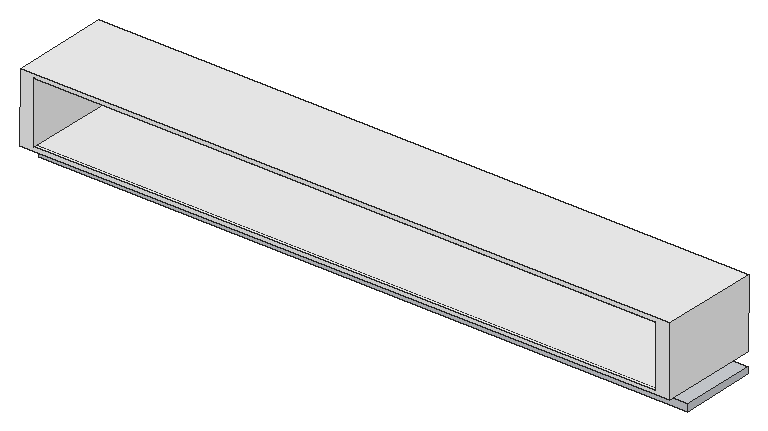
Revit family "Pursuit-W-ID", category Lighting Fixtures, host Face, Revit 2014
Parameters (values of type "RN-W-ID-02")
  Wattage = 13 W
  Warranty = "5-Years Warranty"  # constant formula
  built-in parameter 1150110 = 1 (stored number, unit not read)
  Voltage = 120 V
  Type Comments = "Lighting Fixture"  # constant formula
  built-in parameter 1114217 = 1 (stored number, unit not read)
  Tilt Angle = -90.00°
  built-in parameter 1150109 = 1 (stored number, unit not read)
  built-in parameter 1150134 = (empty or 0)
  built-in parameter 1150113 = 1 (stored number, unit not read)
  Support For Above 2Feet = if(zz Length 1 < 25.00", 1 > 2, 2 > 1)  # no
  Support For 2Feet = if(zz Length 1 < 25.00", 2 > 1, 1 > 2)  # yes
  Product Page URL = "https://www.hubbell.com/architecturalarealighting/en/Products/Lighting-Controls/Commercial-Outdoor-Lighting/Wall-Mount/Pursuit-Family/p/2834000"
  Product Documentation Link = "https://hubbellcdn.com/specsheet/aal_rni_spec.pdf"
  Power Factor = 1
  Photometric Web File = "RN-ID-2-10-3K8-AS-AS-CL.ies"
  Photometric Notes = "More IES files download on Photometric Link"  # constant formula
  Photometric Link = "https://www.hubbell.com/architecturalarealighting/en/Products/Lighting-Controls/Commercial-Outdoor-Lighting/Wall-Mount/Pursuit-Family/p/2834000"
  zz Length 1 = 24.00"
  Wattage Comments = ""
  URL = "https://www.hubbell.com/architecturalarealighting/en/"
  Mounting = "Wall"  # constant formula
  Model = "Pursuit - Wall Indirect"  # constant formula
  Manufacturer = "Architectural Area Lighting"  # constant formula
  built-in parameter 1150105 = 128.28 (stored number, unit not read)
  Lumens = 1612 lm
  built-in parameter 1150115 = 1 (stored number, unit not read)
  Load Classification = Lighting
  built-in parameter 1150137 = (empty or 0)
  built-in parameter 1150139 = (empty or 0)
  built-in parameter 1150112 = 1 (stored number, unit not read)
  built-in parameter 1150114 = 1 (stored number, unit not read)
  Lamp = "LED"  # constant formula
  built-in parameter 1150132 = (empty or 0)
  built-in parameter 1150102 = (empty or 0)
  built-in parameter 1150107 = 3500 (stored number, unit not read)
  built-in parameter 1150138 = (empty or 0)
  built-in parameter 1150106 = 1.2828 (stored number, unit not read)
  Glass = Glass - Hubbell - White
  Fixture Distribution = "Direct/Indirect"  # constant formula
  Emit from Rectangle Width = zz Length 1 - 1.00"  # 23.00"
  Emit from Rectangle Length = 2.00"  # constant formula
  Emit Shape Visible in Rendering = no
  built-in parameter 1150104 = 11.52 (stored number, unit not read)
  Dimming Lamp Color Temperature Shift = <None>
  Description = "Linear Unlimted Low profile linear form factor seamlessly blends with the architecture - day or night. Individual housing lengths can be connected with external lens for seamless and continuous runs up to 150' to meet a variety of applications"  # constant formula
  Default Elevation = 48.00"
  Create Date = "07/25/2018"  # constant formula
  Copyright = "Copyright © 2018 AAL"  # constant formula
  Contact Us = "https://www.hubbell.com/architecturalarealighting/en/contactUs"
  Color Filter = 16777215
  built-in parameter 1114218 = 1 (stored number, unit not read)
  Housing Material = Paint - Hubbell - White
  built-in parameter 1150133 = 10 (stored number, unit not read)
  Assembly Code = "D5020200"
  Apparent Load = 0 VA
Types (6): name | Support For Above 2Feet | Support For 2Feet | Photometric Web File | zz Length 1 | Emit from Rectangle Width
  (no name) | no | yes | "RN-ID-2-10-3K8-AS-AS-CL.ies" | 24.00" | 23.00"
  RN-W-ID-02 | no | yes | "RN-ID-2-10-3K8-AS-AS-CL.ies" | 24.00" | 23.00"
  RN-W-ID-03 | yes | no | "RN-U-2-10-3K8-SM.ies" | 36.00" | 35.00"
  RN-W-ID-04 | yes | no | "RN-U-2-10-3K8-SM.ies" | 48.00" | 47.00"
  RN-W-ID-06 | yes | no | "RN-U-2-10-3K8-SM.ies" | 72.00" | 71.00"
  RN-W-ID-08 | yes | no | "RN-U-2-10-3K8-SM.ies" | 96.00" | 95.00"
Reference planes (in)
  plane 1 "Center (Front/Back)": y = 13.01342
  plane 2: z = 0
  plane 3 "Center (Left/Right)": x = 0
  plane 4: x = -12
  plane 5: x = 12
  plane 6: x = -5.75
  plane 7: x = 5.75
  plane 8: z = 0.75
  plane 9: x = -4.5
  plane 10: x = -7
  plane 11: x = 7
  plane 12: x = 4.5
  plane 13: z = 3.05
  plane 14: y = 14.83842
  plane 15: y = 13.73842
  plane 16: z = 0.25
  plane 17: y = 12.03842
Forms (in)
  Extrusion 1, solid, material "Paint - Hubbell - White" <- "Housing Material", visible <- "Support For Above 2Feet"
    sketch origin (0, 13.01342, 0) x (1, 0, 0) y (0, 0, 1)
      loop
        line (-7, 0.25) -> (-4.5, 0.25) -> (-4.5, 0.75078) -> (-7, 0.75078) -> (-7, 0.25)
      loop
        line (7, 0.25) -> (7, 0.75078) -> (4.5, 0.75078) -> (4.5, 0.25) -> (7, 0.25)
    from -1.825 to -0.725
  Extrusion 2, solid
    sketch origin (0, 13.01342, 0) x (1, 0, 0) y (0, 0, 1)
      loop
        line (-12, 0) -> (12, 0) -> (12, 0.25) -> (-12, 0.25) -> (-12, 0)
    from -1.825 to 0.975
  Extrusion 3, solid, visible <- "Support For 2Feet"
    sketch origin (-0.75229, 14.83842, 0) x (1, 0, 0) y (0, 0, 1)
      loop
        line (-1.64771, 0.75078) -> (-1.64771, 0.25) -> (3.15229, 0.25) -> (3.15229, 0.75078) -> (-1.64771, 0.75078)
    from 0 to 1.1
Dimensions and locks (in)
  equal spacing: plane 5, plane 3 "Center (Left/Right)", plane 4
  "zz Length 1": plane 5 to plane 4
  locked: plane 6 to plane 4 at 6.25
  locked: plane 5 to plane 7 at 6.25
  plane 13 to plane 8 = 2.30"
  locked: plane 9 to plane 10 at 2.5
  equal spacing: plane 9, plane 6, plane 10
  equal spacing: plane 11, plane 7, plane 12
  locked: plane 11 to plane 12 at 2.5
  locked: plane 14 to plane 15 at 1.1
  plane 8 to plane 16 to plane 2 = 0.50", 0.25"
  locked: plane 14 to plane 17 at 2.8
  aligned and locked: plane 2 to host face
  aligned and locked: level to host face
  aligned and locked: plane 3 "Center (Left/Right)" to nested 1
  aligned and locked: plane 1 "Center (Front/Back)" to nested 1
  aligned and locked: plane 3 "Center (Left/Right)" to imposter light
  aligned and locked: Extrusion 1 to nested 1  (x2)
  aligned and locked: plane 15 to Extrusion 1
  aligned and locked: Extrusion 1 to plane 16  (x2)
  aligned and locked: Extrusion 2 sketch curve to plane 2
  aligned and locked: plane 16 to Extrusion 2 sketch curve
  aligned and locked: nested 1 to Extrusion 2
  aligned and locked: plane 17 to Extrusion 2
Automatic sketch dimensions
  host sketch curve to host sketch curve = 96.00"  (x2)
  Extrusion 1 sketch curve to plane 10 = 0.00"
  Extrusion 1 sketch curve to plane 9 = 0.00"
  Extrusion 1 sketch curve to plane 12 = 0.00"
  Extrusion 1 sketch curve to plane 11 = 0.00"
  Extrusion 1 sketch curve to plane 16 = 0.00"  (x2)
  plane 8 to Extrusion 1 sketch curve = 0.00078"  (x2)
  Extrusion 2 sketch curve to plane 4 = 0.00"
  Extrusion 2 sketch curve to plane 5 = 0.00"
  Extrusion 3 sketch curve to plane 16 = 0.00"
  plane 9 to Extrusion 3 sketch curve = 2.10"
  Extrusion 3 sketch curve to plane 12 = 2.10"
  plane 8 to Extrusion 3 sketch curve = 0.00078"
Nested families (in)
  nested 1: "Mullion Direct/Indirect" at (-0.01104, 12.97343, 0.75), Glass <- "Glass", Backbox <- "Housing Material", Length <- "zz Length 1", type "Mullion Direct/Indirect"
    with Length 24.00", Glass Glass - Hubbell - White, Backbox Paint - Hubbell - White
Connectors (in)
  electrical at (0, 11.18842, 2.02578), driven by "Load Classification", driven by "Voltage", driven by "Apparent Load", driven by "Power Factor"
    settings: on nested 1, index 1, voltage 120 V, apparent load 0 VA, apparent load phase1 0 VA, apparent load phase2 0 VA, apparent load phase3 0 VA, power factor 1, load classification "Lighting", number of poles 1, system type 30, power factor state 1, is connector primary yes, connector utility no, sub classification motor no, connector description "Electrical Connector"
Definition of nested family "Mullion Direct/Indirect"
  Parameters (values of type "Pendent Indirect")
    Wattage Comments = ""
    URL = ""
    Model = ""
    Manufacturer = ""
    Length [instance] = 36.00"
    Lamp = ""
    Glass [instance] = none
    Description = ""
    Default Elevation = 48.00"
    Backbox [instance] = none
  Reference planes (in)
    plane 1 "Center (Front/Back)": y = 0.03999
    plane 2: z = 0
    plane 3 "Center (Left/Right)": x = 0.01104
    plane 4: x = -17.98896
    plane 5: x = 18.01104
    plane 6: x = -17.48896
    plane 7: x = 17.51104
    plane 8: y = 1.22499
    plane 9: y = -1.14501
    plane 10: y = -1.23501
    plane 11: y = 1.31499
    plane 12: z = 2.55078
    plane 13: z = 0.125
    plane 14: z = 2.42578
    plane 15: z = 1.27539
    plane 16: y = 1.86499
    plane 17: y = -1.78501
  Forms (in)
    Extrusion 1, solid
      sketch origin (0, 0, 0.06357) x (1, 0, 0) y (0, 1, 0)
        loop
          line (-48, 48) -> (-48, -48) -> (48, -48) -> (48, 48) -> (-48, 48)
      from -0.06357 to -12.81105
    Extrusion 2, solid, material <- "Backbox"
      sketch origin (0.01104, -1.78501, 1.31577) x (0, 0, -1) y (0, 1, 0)
        loop
          line (1.31499, 3.65) -> (-1.23501, 3.65) -> (-1.23501, 0) -> (1.31499, 0) -> (1.31499, 3.65)
      from -18 to 18
    Extrusion 3, solid, material <- "Glass"
      sketch origin (0, -0.99751, 1.31577) x (1, 0, 0) y (0, 0, -1)
        loop
          line (-17.48896, 1.19077) -> (-17.48896, -1.11001) -> (17.51104, -1.11001) -> (17.51104, 1.19077) -> (-17.48896, 1.19077)
      from -0.7875 to -0.6625
    Extrusion 4, void
      sketch origin (-23.78896, -1.78501, -6.81797) x (0, 0, 1) y (-1, 0, 0)
        loop
          line (6.94297, -6.3) -> (6.94297, -41.3) -> (9.24375, -41.3) -> (9.24375, -6.3) -> (6.94297, -6.3)
      from 0 to -3.65
    Extrusion 5, solid, material <- "Glass"
      sketch origin (0, 1.07749, 1.31577) x (1, 0, 0) y (0, 0, 1)
        loop
          line (-17.48896, -1.19077) -> (17.51104, -1.19077) -> (17.51104, 1.11001) -> (-17.48896, 1.11001) -> (-17.48896, -1.19077)
      from -0.7875 to -0.6625
  Cuts and joins
    Extrusion 4 cuts Extrusion 2
  Dimensions and locks (in)
    "Length": plane 5 to plane 4
    locked: plane 6 to plane 4 at 0.5
    locked: plane 5 to plane 7 at 0.5
    equal spacing: plane 5, plane 3 "Center (Left/Right)", plane 4
    locked: plane 12 to plane 14 at 0.125
    locked: plane 2 to plane 13 at 0.125
    plane 12 to plane 2 = 2.55078"
    equal spacing: plane 12, plane 15, plane 2
    aligned and locked: plane 2 to Extrusion 1
    aligned and locked: Extrusion 2 to plane 4
    aligned and locked: plane 5 to Extrusion 2
    aligned and locked: Extrusion 4 to Extrusion 3  (x3)
    aligned and locked: plane 12 to Extrusion 2
    aligned and locked: plane 14 to Extrusion 4
    aligned and locked: Extrusion 3 to cut or joined group of Extrusion 2, Extrusion 4
    aligned and locked: plane 13 to Extrusion 3
    aligned and locked: Extrusion 4 to plane 6
    aligned and locked: plane 7 to Extrusion 4
    aligned and locked: Extrusion 2 to Extrusion 4
  Automatic sketch dimensions
    Extrusion 1 sketch curve to Extrusion 1 sketch curve = 96.00"  (x2)
    Extrusion 2 sketch curve to plane 12 = 0.00"
    Extrusion 2 sketch curve to plane 17 = 0.00"
    Extrusion 2 sketch curve to plane 16 = 0.00"
    level to Extrusion 2 sketch curve = 0.00078"
    Extrusion 3 sketch curve to plane 6 = 0.00"
    Extrusion 3 sketch curve to plane 7 = 0.00"
    Extrusion 3 sketch curve to plane 14 = 0.00"
    Extrusion 3 sketch curve to plane 13 = 0.00"
    Extrusion 4 sketch curve to plane 7 = 0.00"
    Extrusion 4 sketch curve to plane 13 = 0.00"
    Extrusion 4 sketch curve to plane 6 = 0.00"
    Extrusion 4 sketch curve to plane 14 = 0.00"
    Extrusion 5 sketch curve to plane 6 = 0.00"
    Extrusion 5 sketch curve to plane 7 = 0.00"
    Extrusion 5 sketch curve to plane 13 = 0.00"
    Extrusion 5 sketch curve to plane 14 = 0.00"
